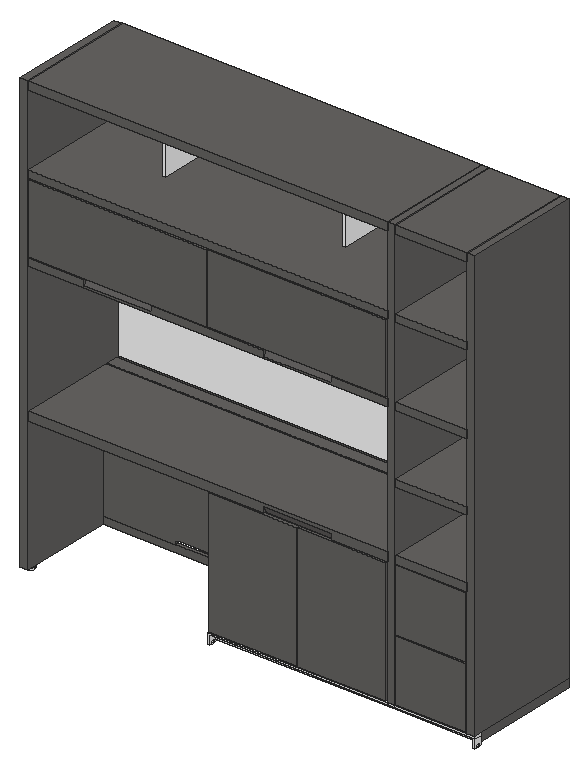
Revit family "Storage-Wall-Teknion-ZXRR_90_High_With_Lights-R2011", category Furniture Systems, Revit 2013
Parameters (values of type "(See Type Catalog)")
  Working Wall Finish [instance] = Glass - Teknion - K6 - White Backpainted
  Width = 92.642"
  Warranty = "http://www.teknionstudio.com/pdfs/Teknion%20Studio%20Warranty.pdf"
  Wall Unit Finish [instance] = Veneer - Teknion - P7 - Grey Oak
  Voltage = 120 V
  Unit Weight = 755.00 lbf
  URL = "www.teknionstudio.com"
  Tabletop Cutout Offset = if(Has Double Doors, 0", 4")  # 0"
  Storage Tower = Storage-Unit-Teknion-Tower : Upper Shelves & File/File Pedestal
  Series = "B&B Italia"
  Product Page URL = "http://www.teknionstudio.com/acexecutive/"
  Product Line = "AC Executive"
  Product Documentation Link = "http://www.teknionstudio.com/pricing/ac_executive_storage_walls_ppg.pdf"
  Power Factor = 1
  Part Number = "ZXRR"
  Number of Poles = 1
  Model = ""
  Manufacturer Phone = "919-464-2920"
  Manufacturer Fax = "919-464-2927"
  Manufacturer Email = "customersupport@teknionstudio.com"
  Manufacturer Address = "3940 US 70 Business HWY West, Clayton, NC 27520"
  Manufacturer = "Teknion Studio"  # constant formula
  Low Emitting Material = yes
  Low Emitting Finish = yes
  Height = 89.96"
  Has File File Drawers = not(Has Double Doors)  # no
  Has Double Doors = yes
  Description = ""
  Depth = 24"
  Assembly Code = "E2020200"
  Apparent Load = 22.8 VA
Reference planes (in)
  plane 1 "Center F/B": y = 0
  plane 2: z = 0
  plane 3 "Center L/R": x = 0
  plane 4 "Left": x = -46.321
  plane 5 "Right": x = 46.321
  plane 6 "Back": y = 12
  plane 7 "Front": y = -12
  plane 8 "Flip up Cabinets Top": z = 73.81394
  plane 9: x = 28.60446
  plane 10: z = 29.68402
  plane 11: z = 56.1289
  plane 12: x = -44.7815
  plane 13: z = 2.1289
  plane 14: x = -8.08858
  plane 15 "Foot Centerline": y = -11.2126
  plane 16 "Tabletop Cutout": y = -12
  plane 17 "Foot Centerline Front": y = -10.22835
  plane 18 "Foot Centerline Back": y = 10.22835
  plane 19 "Top": z = 89.96
  plane 20 "Center Lighting": y = -8.484
Forms (in)
  Sweep 1, solid, material "Veneer - Teknion - P7 - Grey Oak" <- "Wall Unit Finish"
    path origin (0, 0, 15.40683) x (-1, 0, 0) y (0, -1, 0)
      loop
        line (0, -12) -> (0, 12)
    profile origin (0, 0, 15.40683) x (1, 0, 0) y (0, 0, 1)
      loop
        line (-46.321, -14.81732) -> (-44.7815, -14.81732) -> (-44.7815, 74.55317) -> (-46.321, 74.55317) -> (-46.321, -14.81732)
  Sweep 2, solid, material "Metal - Teknion - C6 - Chrome"
    path origin (0, 0, 0) x (1, 0, 0) y (0, 0, 1)
      loop
        line (-8.08858, 0.05803) -> (-8.08858, 2.1289) -> (28.60446, 2.1289)
    profile origin (10.25794, 0, 2.1289) x (0, 0, 1) y (0, -1, 0)
      loop
        line (0, 12) -> (-0.394, 12) -> (-0.394, 10.4252) -> (0, 10.4252) -> (0, 12)
  Sweep 3, solid, material "Metal - Teknion - C6 - Chrome"
    path origin (0, 0, 0) x (1, 0, 0) y (0, 0, 1)
      loop
        line (-8.08858, 2.1289) -> (28.60446, 2.1289)
    profile origin (10.25794, 0, 2.1289) x (0, 0, 1) y (0, -1, 0)
      loop
        line (-0.394, 10.6222) -> (-1.5748, 10.6222) -> (-1.5748, 10.4252) -> (-0.394, 10.4252) -> (-0.394, 10.6222)
  Revolve 4, solid, material "Metal - Teknion - C6 - Chrome"
    sketch origin (0, -11.2126, 0) x (0, 0, -1) y (1, 0, 0)
      loop
        line (-0.4911, -7.89158) -> (-0.4911, -8.22623) -> (-0.45173, -8.2656) -> (-0.28492, -8.2656) -> (-0.24555, -8.22623) -> (-0.20618, -8.2656) -> (-0.03937, -8.2656) -> (0, -8.22623) -> (0, -7.89158) -> (-0.4911, -7.89158)
      axis (0, -7.89158) -> (-0.4911, -7.89158)
    angle from 0 to 360
  Sweep 5, solid, material "Veneer - Teknion - P7 - Grey Oak" <- "Wall Unit Finish"
    path origin (0, 0, 0) x (1, 0, 0) y (0, 0, 1)
      loop
        line (-44.7815, 29.68402) -> (28.60446, 29.68402)
    profile origin (-8.08852, 0, 29.68402) x (0, 0, 1) y (0, -1, 0)
      loop
        line (0, 12) -> (-1.7638, 12) -> (-1.7638, -7.11393) -> (-5.30827, -7.11393) -> (-5.30827, -7.08268) -> (-27.55512, -7.08268) -> (-27.55512, -7.11393) -> (-29.0945, -7.11393) -> (-29.0945, -7.80668) -> (-5.30828, -7.80668) -> (-5.30828, -12) -> (44.12992, -12) -> (44.12992, 12) -> (42.59055, 12) -> (42.59055, 11.2126) -> (27.98425, 11.2126) -> (27.98425, 12) -> (26.44488, 12) -> (26.44488, -10.94094) -> (0, -10.94094) -> (0, -10.90969) -> (-0.72441, -10.90969) -> (-0.72441, -10.56693) -> (0, -10.56693) -> (0, -8.05709) -> (-0.72441, -8.05709) -> (-0.72441, -7.80709) -> (0, -7.80709) -> (0, 12)
      loop
        line (60.27598, 12) -> (58.73661, 12) -> (58.73661, -12) -> (60.27598, -12) -> (60.27598, 12)
  Sweep 6, solid, material "Veneer - Teknion - P7 - Grey Oak" <- "Wall Unit Finish"
    path origin (0, 0, 0) x (1, 0, 0) y (0, 0, 1)
      loop
        line (-8.08858, 29.68402) -> (28.60446, 29.68402)
    profile origin (10.25794, 0, 29.68402) x (0, 0, 1) y (0, -1, 0)
      loop
        line (-1.7638, 11.27559) -> (-27.55512, 11.27559) -> (-27.55512, 10.4252) -> (-29.0945, 10.4252) -> (-29.0945, -12) -> (-1.7638, -12) -> (-1.7638, 11.27559)
  Sweep 7, solid, material "Veneer - Teknion - P7 - Grey Oak" <- "Wall Unit Finish"
    path origin (0, 0, 15.40683) x (-1, 0, 0) y (0, -1, 0)
      loop
        line (0, 12) -> (0, 11.276)
    profile origin (0, -11.638, 15.40683) x (-1, 0, 0) y (0, 0, 1)
      loop
        line (44.5315, 42.51144) -> (44.5315, 56.61773) -> (8.21358, 56.61773) -> (8.21358, 42.51144) -> (44.5315, 42.51144)
      loop
        line (7.96358, 56.61773) -> (-28.35446, 56.61773) -> (-28.35446, 42.51144) -> (7.96358, 42.51144) -> (7.96358, 56.61773)
  Sweep 8, solid, material "Veneer - Teknion - P7 - Grey Oak" <- "Wall Unit Finish", visible <- "Has Double Doors"
    path origin (0, 0, 15.40683) x (-1, 0, 0) y (0, -1, 0)
      loop
        line (0, 12) -> (0, 11.276)
    profile origin (0, -11.638, 15.40683) x (-1, 0, 0) y (0, 0, 1)
      loop
        line (7.83845, 12.26339) -> (-10.15274, 12.26339) -> (-10.15274, -13.03482) -> (7.83845, -13.03482) -> (7.83845, 12.26339)
      loop
        line (-10.40274, 12.26339) -> (-28.35446, 12.26339) -> (-28.35446, -13.02793) -> (-10.40274, -13.02793) -> (-10.40274, 12.26339)
  Sweep 9, solid, material "Veneer - Teknion - P7 - Grey Oak" <- "Wall Unit Finish", visible <- "Has File File Drawers"
    path origin (0, 0, 15.40683) x (-1, 0, 0) y (0, -1, 0)
      loop
        line (0, 12) -> (0, 11.276)
    profile origin (0, -11.638, 15.40683) x (-1, 0, 0) y (0, 0, 1)
      loop
        line (7.83845, 12.26339) -> (-28.35446, 12.26339) -> (-28.35446, 0.01144) -> (7.83845, 0.01144) -> (7.83845, 12.26339)
      loop
        line (-28.35446, -0.77597) -> (-28.35446, -13.03482) -> (7.83845, -13.03482) -> (7.83845, -0.77597) -> (-28.35446, -0.77597)
  Sweep 10, void
    path origin (0, 0, 0) x (1, 0, 0) y (0, 0, 1)
      loop
        line (3.38793, 29.68402) -> (17.16746, 29.68402)
    profile origin (10.27769, 0, 29.68402) x (0, 0, 1) y (0, -1, 0)
      loop
        line (-1.7638, 12) -> (-1.7638, 11.52756) -> (-0.66143, 12) -> (-1.7638, 12)
  Sweep 11, void
    path origin (0, 0, 0) x (1, 0, 0) y (0, 0, 1)
      loop
        line (-33.3248, 56.1289) -> (-19.54528, 56.1289)
    profile origin (-26.43504, 0, 56.1289) x (0, 0, 1) y (0, -1, 0)
      loop
        line (1.53937, 12) -> (0.43699, 12) -> (1.53937, 11.52755) -> (1.53937, 12)
  Sweep 12, void
    path origin (0, 0, 0) x (1, 0, 0) y (0, 0, 1)
      loop
        line (3.36811, 56.1289) -> (17.14764, 56.1289)
    profile origin (10.25787, 0, 56.1289) x (0, 0, 1) y (0, -1, 0)
      loop
        line (1.53937, 11.52755) -> (1.53937, 12) -> (0.43699, 12) -> (1.53937, 11.52755)
  Sweep 13, void
    path origin (0, 0, 15.40683) x (-1, 0, 0) y (0, -1, 0)
      loop
        line (0, -7.80668) -> (0, -7.08268)
    profile origin (0, 7.44468, 15.40683) x (1, 0, 0) y (0, 0, 1)
      loop
        line (-23.00998, 8.96892) -> (-29.89974, 8.96892) -> (-29.89974, 8.10396)
        arc (-29.89974, 8.10396) -> (-29.66912, 7.54718) -> (-29.11234, 7.31655) r 0.7874
        line (-29.11234, 7.31655) -> (-23.79738, 7.31655)
        arc (-23.79738, 7.31655) -> (-23.2406, 7.54718) -> (-23.00998, 8.10396) r 0.7874
        line (-23.00998, 8.10396) -> (-23.00998, 8.96892)
      loop
        line (-29.89974, -13.27793) -> (-23.00998, -13.27793) -> (-23.00998, -13.12045)
        arc (-23.00998, -13.12045) -> (-23.22907, -12.59152) -> (-23.75801, -12.37242) r 0.74803
        line (-23.75801, -12.37242) -> (-29.15171, -12.37242)
        arc (-29.15171, -12.37242) -> (-29.68065, -12.59152) -> (-29.89974, -13.12045) r 0.74803
        line (-29.89974, -13.12045) -> (-29.89974, -13.27793)
  Revolve 14, solid, material "Metal - Teknion - C6 - Chrome"
    sketch origin (0, -10.22835, 0) x (0, 0, 1) y (1, 0, 0)
      loop
        line (0, -45.55118) -> (0, -46.28917) -> (0.23622, -46.28917) -> (0.23622, -45.83352) -> (0.58951, -45.83352) -> (0.58951, -45.55118) -> (0, -45.55118)
      axis (0, -45.55118) -> (0.58951, -45.55118)
    angle from 0 to 360
  Revolve 15, solid, material "Metal - Teknion - C6 - Chrome"
    sketch origin (0, 10.22835, 0) x (0, 0, 1) y (1, 0, 0)
      loop
        line (0, -45.55118) -> (0, -46.28917) -> (0.23622, -46.28917) -> (0.23622, -45.83352) -> (0.58951, -45.83352) -> (0.58951, -45.55118) -> (0, -45.55118)
      axis (0, -45.55118) -> (0.58951, -45.55118)
    angle from 0 to 360
  Sweep 16, solid, material "Acrylic - Teknion - Clear"
    path origin (0, 0, 15.40683) x (-1, 0, 0) y (0, -1, 0)
      loop
        line (8.08858, -11.25197) -> (8.08858, 0.16535)
    profile origin (-8.08858, 5.54331, 15.40683) x (1, 0, 0) y (0, 0, 1)
      loop
        line (-18.64357, 73.0138) -> (-18.64357, 58.4071) -> (-18.04908, 58.4071) -> (-18.04908, 73.0138) -> (-18.64357, 73.0138)
      loop
        line (18.04935, 73.0138) -> (18.04935, 58.4071) -> (18.64383, 58.4071) -> (18.64383, 73.0138) -> (18.04935, 73.0138)
Cuts and joins
  joined: Sweep 2, Sweep 3, Revolve 4
  Sweep 10, Sweep 11, Sweep 12, Sweep 13 cuts Sweep 5
  joined: Sweep 5, Sweep 6
Lines and regions (in)
  Masking region 1
    outline origin (0, 0, 15.40683) x (-1, 0, 0) y (0, -1, 0)
      loop
        line (46.321, -12) -> (46.321, 12) -> (-28.60446, 12) -> (-28.60446, -12) -> (46.321, -12)
  symbolic lines, style "Elevation Swing"
    curve 1: line (-44.7815, -12, 57.66827) -> (-26.43504, -12, 72.02457)
    curve 2: line (-8.08858, -12, 57.66832) -> (-26.43504, -12, 72.02457)
    curve 3: line (-8.08858, 0, 57.66832) -> (10.25794, 0, 72.19583)
    curve 4: line (10.25794, 0, 72.19583) -> (28.60446, 0, 57.66827)
  symbolic lines, detail levels medium+fine
    curve 5: line (-44.7815, 12, 15.40683) -> (-44.7815, -12, 15.40683)
  symbolic lines, style "FurnitureSystemsHiddenLines", detail levels fine
    curve 6: line (28.60446, -11.276, 15.40683) -> (-44.7815, -11.276, 15.40683)
    curve 8: line (-8.08858, 12, 15.40683) -> (-8.08858, -12, 15.40683)
  symbolic lines, visible <- "Has Double Doors"
    curve 7: line (-8.08858, -12, 15.40683) -> (-8.08858, -30.34652, 15.40683)
    curve 9: arc (10.25794, -12, 15.40683) -> (15.63151, -24.97295, 15.40683) -> (28.60446, -30.34652, 15.40683) r 18.34652
    curve 10: line (28.60446, -12, 15.40683) -> (28.60446, -30.34652, 15.40683)
    curve 11: arc (-8.08858, -30.34652, 15.40683) -> (4.88437, -24.97295, 15.40683) -> (10.25794, -12, 15.40683) r 18.34652
  symbolic lines, style "FurnitureSystemsHiddenLines", visible <- "Has Double Doors"
    curve 12: line (10.15274, 0, 27.67022) -> (-7.83845, 0, 15.02111)
    curve 13: line (-7.83845, 0, 15.02111) -> (10.15274, 0, 2.37201)
    curve 14: line (10.40274, 0, 2.3789) -> (28.35446, 0, 15.02456)
    curve 15: line (28.35446, 0, 15.02456) -> (10.40274, 0, 27.67022)
Dimensions and locks (in)
  equal spacing: plane 4 "Left", plane 3 "Center L/R", plane 5 "Right"
  "Width": plane 4 "Left" to plane 5 "Right"
  equal spacing: plane 6 "Back", plane 1 "Center F/B", plane 7 "Front"
  "Depth": plane 6 "Back" to plane 7 "Front"
  locked: plane 9 to plane 5 "Right" at 17.71654
  "Height": plane 19 "Top" to plane 2
  locked: plane 10 to plane 2 at 29.68402
  locked: plane 11 to plane 10 at 26.44488
  locked: plane 13 to plane 2 at 2.1289
  locked: Sweep 2 sketch curve to plane 2 at 0.05803
  locked: plane 13 to Sweep 3 sketch curve at 0.394
  locked: Sweep 3 sketch curve to Sweep 3 sketch curve at 1.1808
  plane 7 "Front" to Sweep 3 sketch curve to Sweep 3 sketch curve = 1.3778" locked, 0.197" locked
  locked: Revolve 4 sketch curve to plane 2 at 0.4911
  locked: plane 14 to Revolve 4 sketch curve at 0.17702  (x2)
  Revolve 4 sketch curve to Revolve 4 sketch curve to Revolve 4 sketch curve to Revolve 4 sketch curve to Revolve 4 sketch curve to plane 2 = 0.16681" locked, 0.03937" locked, 0.03937" locked, 0.16681" locked, 0.03937" locked
  locked: Revolve 4 sketch curve to plane 14 at 0.197
  locked: plane 7 "Front" to plane 15 "Foot Centerline" at 0.7874
  locked: plane 13 to Sweep 5 sketch curve at 1.53939
  locked: plane 10 to Sweep 5 sketch curve at 1.7638
  locked: Sweep 1 sketch curve to plane 2 at 0.58951
  Sweep 6 sketch curve to Sweep 6 sketch curve to plane 6 "Back" = 23.27559", 0"
  locked: plane 10 to Sweep 6 sketch curve at 1.7638
  locked: plane 7 "Front" to Sweep 6 sketch curve at 1.5748
  locked: plane 14 to plane 3 "Center L/R" at 8.08858
  locked: plane 7 "Front" to Sweep 7 sketch curve at 0.724
  plane 8 "Flip up Cabinets Top" to Sweep 7 sketch curve to Sweep 7 sketch curve = 1.78937" locked, 14.1063" locked
  plane 8 "Flip up Cabinets Top" to Sweep 7 sketch curve to Sweep 7 sketch curve = 1.78937", 14.1063"
  Sweep 7 sketch curve to plane 3 "Center L/R" to Sweep 7 sketch curve to Sweep 7 sketch curve to Sweep 7 sketch curve = 28.35446" locked, 7.96358" locked, 1/4" locked, 36.31791" locked
  locked: plane 7 "Front" to Sweep 8 sketch curve at 0.724
  locked: plane 10 to Sweep 8 sketch curve at 2.0138  (x2)
  locked: Sweep 8 sketch curve to Sweep 8 sketch curve at 25.29821
  locked: Sweep 8 sketch curve to Sweep 8 sketch curve at 25.29132
  Sweep 8 sketch curve to Sweep 8 sketch curve to Sweep 8 sketch curve to Sweep 8 sketch curve to plane 14 = 17.95173" locked, 1/4" locked, 17.99118" locked, 0.25013" locked
  locked: plane 7 "Front" to Sweep 9 sketch curve at 0.724
  plane 10 to Sweep 9 sketch curve to Sweep 9 sketch curve to Sweep 9 sketch curve to Sweep 9 sketch curve = 2.0138" locked, 12.25195" locked, 0.7874" locked, 12.25886" locked
  Sweep 9 sketch curve to Sweep 9 sketch curve to plane 14 = 36.19291" locked, 0.25013" locked  (x2)
  Sweep 10 sketch curve to Sweep 10 sketch curve to plane 14 = 13.77953" locked, 11.47651" locked
  locked: plane 10 to Sweep 10 sketch curve at 1.7638
  locked: plane 16 "Tabletop Cutout" to Sweep 10 sketch curve at 0.47244
  "Tabletop Cutout Offset": plane 16 "Tabletop Cutout" to plane 7 "Front"
  Sweep 11 sketch curve to Sweep 11 sketch curve to plane 4 "Left" = 13.77953" locked, 12.9962" locked
  locked: Sweep 11 sketch curve to plane 11 at 1.53937
  locked: Sweep 11 sketch curve to plane 11 at 0.43699
  locked: plane 7 "Front" to Sweep 11 sketch curve at 0.47245
  Sweep 12 sketch curve to Sweep 12 sketch curve to plane 11 = 1.10238" locked, 0.43699" locked
  locked: plane 7 "Front" to Sweep 12 sketch curve at 0.47245
  locked: Sweep 13 sketch curve to plane 13 at 0.90551
  plane 14 to Sweep 13 sketch curve to Sweep 13 sketch curve = 14.92139" locked, 6.88976" locked  (x2)
  plane 10 to Sweep 13 sketch curve to Sweep 13 sketch curve = 5.30827" locked, 1 167/256" locked
  plane 6 "Back" to Sweep 13 sketch curve to Sweep 13 sketch curve = 4.19332" locked, 0.724" locked
  locked: Revolve 14 sketch curve to plane 4 "Left" at 0.76982
  Revolve 14 sketch curve to Revolve 14 sketch curve to plane 2 = 0.35329" locked, 0.23622" locked
  locked: Revolve 14 sketch curve to plane 4 "Left" at 0.03183
  locked: Revolve 15 sketch curve to plane 4 "Left" at 0.76982
  Revolve 15 sketch curve to Revolve 15 sketch curve to plane 2 = 0.35329" locked, 0.23622" locked
  locked: Revolve 15 sketch curve to plane 4 "Left" at 0.03183
  equal spacing: plane 14, curve 2, plane 12
  equal spacing: plane 9, curve 4, plane 14
  locked: plane 7 "Front" to curve 6 at 0.724
  plane 6 "Back" to Sweep 16 sketch curve to Sweep 16 sketch curve = 0.74803" locked, 11.41732" locked
  Sweep 16 sketch curve to Sweep 16 sketch curve to plane 14 = 0.59449" locked, 18.04935" locked
  plane 14 to Sweep 16 sketch curve to Sweep 16 sketch curve = 18.04908" locked, 0.59449" locked
  locked: plane 19 "Top" to Sweep 5 sketch curve at 1.53937
  locked: plane 8 "Flip up Cabinets Top" to Sweep 5 sketch curve at 1.53937
  locked: Sweep 5 sketch curve to plane 11 at 1.53937
  locked: plane 4 "Left" to plane 12 at 1.5395
  locked: plane 19 "Top" to plane 8 "Flip up Cabinets Top" at 16.14606
  locked: plane 6 "Back" to plane 18 "Foot Centerline Back" at 1.77165
  locked: plane 17 "Foot Centerline Front" to plane 7 "Front" at 1.77165
  plane 12 to plane 14 = 36.69291"
  locked: plane 7 "Front" to plane 20 "Center Lighting" at 3.516
  locked: plane 13 to Sweep 2 sketch curve at 0.394
  locked: plane 7 "Front" to Sweep 2 sketch curve at 1.5748
  aligned and locked: level to plane 2
  aligned and locked: nested 1 to plane 5 "Right"
  aligned and locked: plane 6 "Back" to Sweep 1 sketch curve
  aligned and locked: plane 7 "Front" to Sweep 1 sketch curve
  aligned and locked: Sweep 1 sketch curve to plane 3 "Center L/R"
  aligned and locked: plane 4 "Left" to Sweep 1 sketch curve  (x2)
  aligned and locked: Sweep 2 sketch curve to plane 13  (x2)
  aligned and locked: Sweep 2 sketch curve to plane 7 "Front"
  aligned and locked: Sweep 3 sketch curve to plane 13
  aligned and locked: plane 2 to Revolve 4 sketch curve
  aligned and locked: Revolve 4 sketch curve to plane 2
  aligned and locked: plane 12 to Sweep 5 sketch curve
  aligned and locked: plane 9 to Sweep 5 sketch curve
  aligned and locked: Sweep 5 sketch curve to plane 10  (x3)
  aligned and locked: Sweep 5 sketch curve to plane 7 "Front"  (x3)
  aligned and locked: plane 6 "Back" to Sweep 5 sketch curve
  aligned and locked: Sweep 6 sketch curve to plane 10
  aligned and locked: plane 13 to Sweep 6 sketch curve
  aligned and locked: plane 3 "Center L/R" to Sweep 7 sketch curve
  aligned and locked: plane 7 "Front" to Sweep 7 sketch curve
  aligned and locked: Sweep 5 sketch curve to plane 11
  aligned and locked: plane 3 "Center L/R" to Sweep 8 sketch curve
  aligned and locked: plane 7 "Front" to Sweep 8 sketch curve
  aligned and locked: plane 7 "Front" to Sweep 9 sketch curve
  aligned and locked: plane 3 "Center L/R" to Sweep 9 sketch curve
  aligned and locked: Sweep 10 sketch curve to plane 10
  aligned and locked: plane 16 "Tabletop Cutout" to Sweep 10 sketch curve
  aligned and locked: Sweep 11 sketch curve to plane 11
  aligned and locked: Sweep 12 sketch curve to plane 11
  aligned and locked: Sweep 12 sketch curve to plane 7 "Front"
  aligned and locked: Sweep 13 sketch curve to plane 3 "Center L/R"
  aligned and locked: Sweep 13 sketch curve to plane 13
  aligned and locked: plane 2 to Revolve 14 sketch curve
  aligned and locked: Revolve 15 sketch curve to plane 2
  aligned and locked: plane 12 to curve 1
  aligned and locked: plane 14 to curve 2
  aligned and locked: Sweep 7 to curve 2
  aligned and locked: plane 9 to curve 4
  aligned and locked: plane 14 to curve 3
  aligned and locked: Masking region 1 sketch curve to plane 6 "Back"
  aligned and locked: plane 4 "Left" to Masking region 1 sketch curve
  aligned and locked: Masking region 1 sketch curve to plane 7 "Front"
  aligned and locked: Masking region 1 sketch curve to nested 1
  aligned and locked: plane 6 "Back" to curve 5
  aligned and locked: plane 7 "Front" to curve 5
  aligned and locked: curve 5 to plane 12
  aligned and locked: plane 9 to curve 6
  aligned and locked: curve 8 to plane 14
  aligned and locked: plane 7 "Front" to Sweep 11 sketch curve
  aligned and locked: Sweep 1 sketch curve to plane 19 "Top"
  aligned and locked: Sweep 16 sketch curve to plane 14
  aligned and locked: plane 8 "Flip up Cabinets Top" to Sweep 16 sketch curve  (x2)
  aligned and locked: Sweep 5 sketch curve to plane 8 "Flip up Cabinets Top"
  aligned and locked: Sweep 5 sketch curve to plane 6 "Back"
  aligned and locked: Sweep 5 sketch curve to plane 19 "Top"
  aligned and locked: Sweep 5 sketch curve to plane 15 "Foot Centerline"
  aligned and locked: plane 7 "Front" to Sweep 5 sketch curve
  aligned and locked: plane 2 to nested 1
  aligned and locked: Sweep 1 sketch curve to plane 12
  aligned and locked: plane 1 "Center F/B" to nested 1
  aligned and locked: plane 11 to nested 2
  aligned and locked: plane 14 to nested 2
  aligned and locked: curve 10 to plane 9
  aligned and locked: curve 8 to curve 7
  aligned and locked: plane 9 to Sweep 2 sketch curve
  aligned and locked: Sweep 2 sketch curve to plane 14
  aligned and locked: plane 14 to Sweep 3 sketch curve
  aligned and locked: plane 9 to Sweep 3 sketch curve
  aligned and locked: plane 14 to Sweep 6 sketch curve
  aligned and locked: plane 9 to Sweep 6 sketch curve
  aligned and locked: plane 7 "Front" to curve 10
  aligned and locked: Sweep 8 to plane 7 "Front"
  aligned and locked: plane 7 "Front" to curve 9
  aligned and locked: plane 6 "Back" to curve 8
  aligned and locked: plane 7 "Front" to curve 8
Automatic sketch dimensions
  Sweep 6 sketch curve to Sweep 6 sketch curve = 1.53939"
  profile plane to Sweep 10 sketch curve = 0.66143"
  plane 3 "Center L/R" to Sweep 12 sketch curve = 3.36811"
  Sweep 12 sketch curve to plane 9 = 11.45683"
  Sweep 13 sketch curve to Sweep 13 sketch curve = 0.7874"  (x2)
  Sweep 13 sketch curve to Sweep 13 sketch curve = 0.15748"  (x2)
  Revolve 14 sketch curve to level = 0"
  Revolve 14 sketch curve to Revolve 14 sketch curve = 0"  (x2)
  Revolve 14 sketch curve to Revolve 14 sketch curve = 0.28234"
  Revolve 15 sketch curve to level = 0"
  Revolve 15 sketch curve to Revolve 15 sketch curve = 0"  (x2)
  Revolve 15 sketch curve to Revolve 15 sketch curve = 0.28234"
  plane 11 to curve 2 = 1.53942"
  plane 11 to curve 1 = 1.53937"
  Sweep 16 sketch curve to Sweep 16 sketch curve = 14.60669"  (x2)
  profile plane to Sweep 5 sketch curve = 0"
  Sweep 5 sketch curve to Sweep 5 sketch curve = 1.53939"
  Sweep 5 sketch curve to Sweep 5 sketch curve = 3.54449"
  Sweep 5 sketch curve to Sweep 5 sketch curve = 0"
  Sweep 5 sketch curve to Sweep 5 sketch curve = 0.72441"
  profile plane to Sweep 5 sketch curve = 0.72441"
  Sweep 5 sketch curve to plane 1 "Center F/B" = 10.94094"
  Sweep 5 sketch curve to Sweep 5 sketch curve = 1/32"  (x2)
  Sweep 5 sketch curve to Sweep 5 sketch curve = 0.34277"
  Sweep 5 sketch curve to Sweep 5 sketch curve = 2.50984"
  Sweep 5 sketch curve to Sweep 5 sketch curve = 1/4"
  Sweep 5 sketch curve to Sweep 5 sketch curve = 4.19332"
  Sweep 5 sketch curve to Sweep 5 sketch curve = 0.69275"
  Sweep 5 sketch curve to Sweep 5 sketch curve = 0.69316"
  Revolve 4 sketch curve to Revolve 4 sketch curve = 0"  (x2)
  Revolve 4 sketch curve to Revolve 4 sketch curve = 0.03937"  (x2)
  plane 14 to curve 13 = 0.25013"
  curve 12 to plane 10 = 2.0138"
  plane 3 "Center L/R" to curve 12 = 10.15274"
  plane 13 to curve 13 = 0.24311"
  plane 3 "Center L/R" to curve 13 = 10.15274"
  curve 15 to plane 10 = 2.0138"
  curve 12 to curve 15 = 1/4"
  plane 13 to curve 14 = 1/4"
  curve 13 to curve 14 = 1/4"
  curve 15 to plane 9 = 1/4"
  plane 13 to curve 12 = 12.89222"
  plane 13 to curve 14 = 12.89566"
  plane 11 to curve 4 = 1.53937"
  plane 11 to curve 3 = 1.53942"
  curve 3 to plane 8 "Flip up Cabinets Top" = 1.61811"
  plane 7 "Front" to curve 11 = 0"
  plane 3 "Center L/R" to curve 9 = 10.25794"
Nested families (in)
  nested 1: "Storage-Unit-Teknion-Tower" at (37.46273, 0, 0), Height <- "Height", type <- "Storage Tower", type "Upper Shelves & File/File Pedestal"
    with Height 89.96", Has Top Shelf yes, Bottom Drawer Height 13.047"
  nested 2: "Lighting-Teknion-Storage_Wall" at (-8.08858, 0.12401, 56.1289), type "Lighting-Teknion-Storage_Wall"
Connectors (in)
  electrical at (-8.08854, 12, 32.92639), driven by "Number of Poles", driven by "Voltage", driven by "Apparent Load", driven by "Power Factor"
    settings: on cut or joined group of Sweep 5, Sweep 6, Sweep 10, Sweep 11, Sweep 12, Sweep 13, index 1, voltage 120 V, apparent load 0 VA, apparent load phase1 22.8 VA, apparent load phase2 0 VA, apparent load phase3 0 VA, power factor 1, load classification "Other", number of poles 1, system type 31, power factor state 1, is connector primary yes, connector utility no, sub classification motor no, connector description "Electrical Connector"
Definition of nested family "Storage-Unit-Teknion-Tower"
  Parameters (values of type "Upper Wardrobe & Lower Door")
    Width = 17.71654"
    Warranty = "http://www.teknionstudio.com/pdfs/Teknion%20Studio%20Warranty.pdf"
    Wall Unit Finish = Veneer - Teknion - P8 - Light Brushed Oak
    URL = "www.teknionstudio.com"
    Series = "B&B Italia"
    Product Line = "AC Executive"
    Model = ""
    Middle Drawer Height = if(Has Top Drawer, 6.425", 12.719")  # 12.719"
    Manufacturer Phone = "919-464-2920"
    Manufacturer Fax = "919-464-2927"
    Manufacturer Email = "customersupport@teknionstudio.com"
    Manufacturer Address = "3940 US 70 Business HWY West, Clayton, NC 27520"
    Manufacturer = "Teknion Studio"  # constant formula
    Height [instance] = 73.81394"
    Has Top Shelf [instance] = and(Height > 75", Has Shelves)  # no
    Has Top Drawer = no
    Has Top Door = yes
    Has Shelves = no
    Has Right Leg = yes
    Has Middle Drawer = no
    Has Lower Shelf = yes
    Has Left Leg = no
    Has Full Wardrobe Door = no
    Has Doors = yes
    Door Projection Symbol = yes
    Description = "Tower Storage Unit"
    Depth = 24"
    Bottom Drawer Height [instance] = if(Has Middle Drawer, 13.047", if(Has Top Drawer, 13.047", if(Has Full Wardrobe Door, (Height - 3.668"), 26.016")))  # 26.016"
    Assembly Code = "E2010200"
  Types (7): name | Wall Unit Finish | Series | Product Line | Middle Drawer Height | Has Top Drawer | Has Top Door | Has Shelves | Has Middle Drawer | Has Lower Shelf | Has Full Wardrobe Door | Has Doors | Door Projection Symbol | Bottom Drawer Height
    Upper Shelves & Lower Door | none | "AC Executive" | "" | 12.719" | no | no | yes | no | yes | no | yes | yes | 26.016"
    Upper Shelves & File/File Pedestal | none | "AC Executive" | "" | 12.719" | no | no | yes | yes | yes | no | no | no | 13.047"
    Upper Shelves & Box/Box/File Pedestal | Veneer - Teknion - P8 - Light Brushed Oak | "AC Executive" | "" | 6.425" | yes | no | yes | yes | yes | yes | no | no | 13.047"
    Full Wardrobe | none | "AC Executive" | "" | 12.719" | no | no | no | no | no | yes | yes | yes | 70.14594"
    Upper Wardrobe & Lower Door | Veneer - Teknion - P8 - Light Brushed Oak | "B&B Italia" | "AC Executive" | 12.719" | no | yes | no | no | yes | no | yes | yes | 26.016"
    Upper Wardrobe & File/File Pedestal | none | "AC Executive" | "" | 12.719" | no | yes | no | yes | yes | no | no | yes | 13.047"
    Upper Wardrobe & Box/Box/File Pedestal | none | "AC Executive" | "" | 6.425" | yes | yes | no | yes | yes | no | no | yes | 13.047"
  Reference planes (in)
    plane 1 "Center F/B": y = 0
    plane 2: z = 0
    plane 3 "Center L/R": x = 0
    plane 4 "Left": x = -8.85827
    plane 5 "Right": x = 8.85827
    plane 6 "Back": y = 12
    plane 7 "Front": y = -12
    plane 8 "Top": z = 73.81394
    plane 9: x = -7.3189
    plane 10: x = 7.3189
    plane 11: z = 2.1289
    plane 12 "Foot Centerline": y = -11.2126
    plane 13: z = 29.68402
    plane 14 "Drawer 1 Top": z = 28.1449
    plane 15 "Drawer 2 Top": z = 40.8639
    plane 16 "Drawer 3 Top": z = 27.89502
    plane 17: z = 42.13677
  Forms (in)
    Sweep 1, solid, material "Metal - Teknion - C6 - Chrome", visible <- "Has Left Leg"
      path origin (0, -12, 0) x (1, 0, 0) y (0, 0, 1)
        loop
          line (-8.85827, 1.7349) -> (-8.85827, 0.05803)
      profile origin (-8.85827, -12, 0.89646) x (0, -1, 0) y (1, 0, 0)
        loop
          line (-1.5748, 0) -> (0, 0) -> (0, 0.394) -> (-1.5748, 0.394) -> (-1.5748, 0)
    Sweep 2, solid, material "Metal - Teknion - C6 - Chrome"
      path origin (0, -12, 0) x (1, 0, 0) y (0, 0, 1)
        loop
          line (-8.85827, 2.1289) -> (8.46427, 2.1289)
      profile origin (-0.197, -12, 2.1289) x (0, 0, 1) y (0, -1, 0)
        loop
          line (-0.394, -1.5748) -> (-0.394, -1.3778) -> (-1.575, -1.3778) -> (-1.575, -1.5748) -> (-0.394, -1.5748)
    Revolve 3, solid, material "Metal - Teknion - C6 - Chrome"
      sketch origin (0, -11.2126, 0) x (0, 0, -1) y (1, 0, 0)
        loop
          line (-0.4911, 8.32677) -> (-0.45173, 8.2874) -> (-0.28492, 8.2874) -> (-0.24555, 8.32677) -> (-0.20618, 8.2874) -> (-0.03937, 8.2874) -> (0, 8.32677) -> (0, 8.66142) -> (-0.4911, 8.66142) -> (-0.4911, 8.32677)
        axis (0, 8.66142) -> (-0.4911, 8.66142)
      angle from 0 to 360
    Revolve 4, solid, material "Metal - Teknion - C6 - Chrome", visible <- "Has Left Leg"
      sketch origin (0, -11.2126, 0) x (0, 0, -1) y (1, 0, 0)
        loop
          line (0, -8.99606) -> (0, -8.66142) -> (-0.4911, -8.66142) -> (-0.4911, -8.99606) -> (-0.45173, -9.03543) -> (-0.28492, -9.03543) -> (-0.24555, -8.99606) -> (-0.20618, -9.03543) -> (-0.03937, -9.03543) -> (0, -8.99606)
        axis (0, -8.66142) -> (-0.4911, -8.66142)
      angle from 0 to 360
    Sweep 5, solid, material "Veneer - Teknion - P8 - Light Brushed Oak" <- "Wall Unit Finish"
      path origin (0, 0, 0) x (1, 0, 0) y (0, 0, 1)
        loop
          line (0, 2.1289) -> (0, 73.81394)
      profile origin (0, 0, 37.97142) x (-1, 0, 0) y (0, -1, 0)
        loop
          line (8.85827, -12) -> (8.85827, 12) -> (7.3189, 12) -> (7.3189, -12) -> (8.85827, -12)
        loop
          line (-7.3189, 12) -> (-8.85827, 12) -> (-8.85827, -12) -> (-7.3189, -12) -> (-7.3189, 12)
    Sweep 6, solid, material "Veneer - Teknion - P8 - Light Brushed Oak" <- "Wall Unit Finish"
      path origin (0, 0, 15.40683) x (-1, 0, 0) y (0, -1, 0)
        loop
          line (0, -12) -> (0, 12)
      profile origin (0, 0, 15.40683) x (1, 0, 0) y (0, 0, 1)
        loop
          line (-7.3189, 58.4071) -> (-7.3189, 56.86773) -> (7.3189, 56.86773) -> (7.3189, 58.4071) -> (-7.3189, 58.4071)
    Sweep 7, solid, material "Veneer - Teknion - P8 - Light Brushed Oak" <- "Wall Unit Finish"
      path origin (0, -12, 0) x (1, 0, 0) y (0, 0, 1)
        loop
          line (0, 2.1289) -> (0, 72.27457)
      profile origin (0, -12, 37.20173) x (-1, 0, 0) y (0, -1, 0)
        loop
          line (7.3189, -24) -> (7.3189, -23.25) -> (-7.3189, -23.25) -> (-7.3189, -24) -> (7.3189, -24)
    Sweep 8, solid, material "Veneer - Teknion - P8 - Light Brushed Oak" <- "Wall Unit Finish", visible <- "Has Lower Shelf"
      path origin (0, -12, 0) x (1, 0, 0) y (0, 0, 1)
        loop
          line (-7.3189, 29.68402) -> (7.3189, 29.68402)
      profile origin (0, -12, 29.68402) x (0, 0, 1) y (0, -1, 0)
        loop
          line (0, 0) -> (-1.539, 0) -> (-1.539, -0.724) -> (-27.55512, -0.724) -> (-27.55512, -23.25) -> (0, -23.25) -> (0, 0)
    Sweep 9, solid, material "Veneer - Teknion - P8 - Light Brushed Oak" <- "Wall Unit Finish"
      path origin (0, -12, 0) x (1, 0, 0) y (0, 0, 1)
        loop
          line (0, 2.3789) -> (0, 27.8949)
      profile origin (0, -12, 15.1369) x (-1, 0, 0) y (0, -1, 0)
        loop
          line (7.0689, -0.724) -> (7.0689, 0) -> (-7.0689, 0) -> (-7.0689, -0.724) -> (7.0689, -0.724)
    Sweep 10, solid, material "Veneer - Teknion - P8 - Light Brushed Oak" <- "Wall Unit Finish", visible <- "Has Middle Drawer"
      path origin (0, -12, 0) x (1, 0, 0) y (0, 0, 1)
        loop
          line (0, 28.1449) -> (0, 40.8639)
      profile origin (0, -12, 34.5044) x (-1, 0, 0) y (0, -1, 0)
        loop
          line (7.0689, -0.724) -> (7.0689, 0) -> (-7.0689, 0) -> (-7.0689, -0.724) -> (7.0689, -0.724)
    Sweep 11, solid, material "Veneer - Teknion - P8 - Light Brushed Oak" <- "Wall Unit Finish", visible <- "Has Top Drawer"
      path origin (0, -12, 0) x (1, 0, 0) y (0, 0, 1)
        loop
          line (0, 47.15802) -> (0, 41.1139)
      profile origin (0, -12, 44.13596) x (0, -1, 0) y (1, 0, 0)
        loop
          line (0, 7.0689) -> (-0.724, 7.0689) -> (-0.724, -7.0689) -> (0, -7.0689) -> (0, 7.0689)
    Sweep 12, solid, material "Veneer - Teknion - P8 - Light Brushed Oak" <- "Wall Unit Finish", visible <- "Has Shelves"
      path origin (0, -12, 0) x (1, 0, 0) y (0, 0, 1)
        loop
          line (0, 42.13677) -> (0, 43.67614)
      profile origin (0, -12, 42.90646) x (-1, 0, 0) y (0, -1, 0)
        loop
          line (7.3189, -23.25) -> (7.3189, 0) -> (-7.3189, 0) -> (-7.3189, -23.25) -> (7.3189, -23.25)
    Sweep 13, solid, material "Veneer - Teknion - P8 - Light Brushed Oak" <- "Wall Unit Finish", visible <- "Has Shelves"
      path origin (0, -12, 13.9918) x (1, 0, 0) y (0, 0, 1)
        loop
          line (0, 42.13677) -> (0, 43.67614)
      profile origin (0, -12, 56.89825) x (-1, 0, 0) y (0, -1, 0)
        loop
          line (7.3189, -23.25) -> (7.3189, 0) -> (-7.3189, 0) -> (-7.3189, -23.25) -> (7.3189, -23.25)
    Sweep 14, solid, material "Veneer - Teknion - P8 - Light Brushed Oak" <- "Wall Unit Finish", visible <- "Has Top Door"
      path origin (0, -12, 0) x (1, 0, 0) y (0, 0, 1)
        loop
          line (0, 29.93402) -> (0, 72.02457)
      profile origin (0, -12, 50.97929) x (-1, 0, 0) y (0, -1, 0)
        loop
          line (7.0689, -0.724) -> (7.0689, 0) -> (-7.0689, 0) -> (-7.0689, -0.724) -> (7.0689, -0.724)
    Sweep 15, solid, material "Veneer - Teknion - P8 - Light Brushed Oak" <- "Wall Unit Finish"
      path origin (0, -12, 0) x (1, 0, 0) y (0, 0, 1)
        loop
          line (-8.85827, 2.1289) -> (8.85827, 2.1289)
      profile origin (0, -12, 2.1289) x (0, 0, 1) y (0, -1, 0)
        loop
          line (0, -1.5748) -> (-1.53937, -1.5748) -> (-1.53937, -24) -> (0, -24) -> (0, -1.5748)
    Sweep 16, solid, material "Veneer - Teknion - P8 - Light Brushed Oak" <- "Wall Unit Finish", visible <- "Has Top Shelf"
      path origin (0, 0, 0) x (1, 0, 0) y (0, 0, 1)
        loop
          line (0, 73.81394) -> (0, 72.27457)
      profile origin (0, 0, 73.04425) x (0, -1, 0) y (1, 0, 0)
        loop
          line (-11.25, -7.3189) -> (12, -7.3189) -> (12, 7.3189) -> (-11.25, 7.3189) -> (-11.25, -7.3189)
    Sweep 17, solid, material "Metal - Teknion - C6 - Chrome"
      path origin (0, 0, 0) x (1, 0, 0) y (0, 0, 1)
        loop
          line (-8.85827, 2.1289) -> (8.85827, 2.1289)
      profile origin (0, 0, 2.1289) x (0, 0, 1) y (0, -1, 0)
        loop
          line (0, 10.4252) -> (0, 12) -> (-0.394, 12) -> (-0.394, 10.4252) -> (0, 10.4252)
    Sweep 18, solid, material "Metal - Teknion - C6 - Chrome"
      path origin (0, 0, 0) x (1, 0, 0) y (0, 0, 1)
        loop
          line (8.85827, 1.7349) -> (8.85827, 0.05803)
      profile origin (8.85827, 0, 0.89646) x (0, -1, 0) y (1, 0, 0)
        loop
          line (10.4252, -0.394) -> (12, -0.394) -> (12, 0) -> (10.4252, 0) -> (10.4252, -0.394)
  Lines and regions (in)
    Masking region 1
      outline origin (0, 0, 15.40683) x (-1, 0, 0) y (0, -1, 0)
        loop
          line (8.85827, -12) -> (8.85827, 12) -> (-8.85827, 12) -> (-8.85827, -12) -> (8.85827, -12)
    symbolic lines, style "FurnitureSystems", detail levels medium+fine
      curve 1: line (-7.3189, 12, 15.40683) -> (-7.3189, -12, 15.40683)
      curve 2: line (7.3189, 12, 15.40683) -> (7.3189, -12, 15.40683)
    symbolic lines, style "FurnitureSystemsHiddenLines", detail levels fine
      curve 3: line (-7.3189, -11.276, 15.40683) -> (7.3189, -11.276, 15.40683)
    symbolic lines, style "Elevation Swing", visible <- "Has Doors"
      curve 4: line (-7.3189, -12, 2.1289) -> (7.3189, -12, 15.1369)
      curve 5: line (7.3189, -12, 15.1369) -> (-7.3189, -12, 28.1449)
    symbolic lines, style "Elevation Swing", visible <- "Has Top Door"
      curve 6: line (-7.3189, -12, 29.68402) -> (7.3189, -12, 50.97929)
      curve 7: line (7.3189, -12, 50.97929) -> (-7.3189, -12, 72.27457)
    symbolic lines, style "FurnitureSystems", visible <- "Door Projection Symbol"
      curve 8: arc (-7.3189, -12, 0) -> (-3.03159, -22.35048, 0) -> (7.3189, -26.6378, 0) r 14.6378
    symbolic lines, visible <- "Door Projection Symbol"
      curve 9: line (7.3189, -12, 15.40683) -> (7.3189, -26.6378, 15.40683)
  Dimensions and locks (in)
    equal spacing: plane 4 "Left", plane 3 "Center L/R", plane 5 "Right"
    "Width": plane 4 "Left" to plane 5 "Right"
    equal spacing: plane 6 "Back", plane 1 "Center F/B", plane 7 "Front"
    "Depth": plane 6 "Back" to plane 7 "Front"
    locked: plane 4 "Left" to plane 9 at 1.53937
    locked: plane 10 to plane 5 "Right" at 1.53937
    "Height": plane 8 "Top" to level
    locked: Sweep 1 sketch curve to level at 0.05803
    locked: plane 11 to plane 2 at 2.1289
    plane 11 to Sweep 2 sketch curve to Sweep 2 sketch curve = 0.394" locked, 1.181" locked
    plane 7 "Front" to Sweep 2 sketch curve to Sweep 2 sketch curve = 1.3778" locked, 0.197" locked
    locked: Revolve 3 sketch curve to plane 2 at 0.4911  (x2)
    locked: plane 5 "Right" to Revolve 3 sketch curve at 0.57087
    locked: plane 7 "Front" to plane 12 "Foot Centerline" at 0.7874
    Revolve 3 sketch curve to Revolve 3 sketch curve to Revolve 3 sketch curve to Revolve 3 sketch curve to plane 2 = 0.16681" locked, 0.07874" locked, 0.16681" locked, 0.03937" locked
    locked: Revolve 4 sketch curve to plane 2 at 0.4911  (x2)
    locked: Revolve 4 sketch curve to Revolve 4 sketch curve at 0.37402
    Revolve 4 sketch curve to Revolve 4 sketch curve to Revolve 4 sketch curve to Revolve 4 sketch curve to plane 2 = 0.16681" locked, 0.07874" locked, 0.16681" locked, 0.03937" locked
    locked: Revolve 4 sketch curve to plane 4 "Left" at 0.19685
    locked: plane 8 "Top" to Sweep 6 sketch curve at 1.53937
    locked: plane 8 "Top" to Sweep 7 sketch curve at 1.53937
    locked: plane 6 "Back" to Sweep 7 sketch curve at 0.75
    locked: plane 13 to plane 2 at 29.68402
    locked: plane 7 "Front" to Sweep 8 sketch curve at 0.724
    locked: plane 13 to Sweep 8 sketch curve at 1.539
    locked: plane 13 to plane 16 "Drawer 3 Top" at 1.789
    "Bottom Drawer Height": plane 14 "Drawer 1 Top" to plane 11
    "Middle Drawer Height": plane 15 "Drawer 2 Top" to plane 14 "Drawer 1 Top"
    locked: plane 14 "Drawer 1 Top" to Sweep 9 sketch curve at 0.25
    locked: plane 7 "Front" to Sweep 9 sketch curve at 0.724
    locked: Sweep 10 sketch curve to plane 12 "Foot Centerline" at 0.0634
    locked: plane 7 "Front" to Sweep 11 sketch curve at 0.724
    locked: plane 17 to plane 13 at 12.45276
    group 1 to group 2 = 0"  (x2)
    group 1 to group 2 = 13.9918"
    locked: Sweep 13 to plane 17 at 13.9918
    locked: plane 8 "Top" to Sweep 14 sketch curve at 1.78937
    locked: Sweep 14 sketch curve to plane 13 at 0.25
    locked: plane 7 "Front" to Sweep 14 sketch curve at 0.724
    locked: plane 11 to Sweep 15 sketch curve at 1.53937
    locked: plane 7 "Front" to Sweep 15 sketch curve at 1.5748
    equal spacing: Sweep 6, curve 7, plane 13
    equal spacing: plane 14 "Drawer 1 Top", curve 5, plane 11
    locked: plane 6 "Back" to Sweep 16 sketch curve at 0.75
    Sweep 16 sketch curve to Sweep 16 sketch curve to plane 2 = 1.53937" locked, 72.27457" locked
    locked: Sweep 9 sketch curve to plane 11 at 0.25
    locked: plane 9 to Sweep 9 sketch curve at 0.25
    locked: Sweep 9 sketch curve to plane 10 at 0.25
    locked: Sweep 11 sketch curve to plane 15 "Drawer 2 Top" at 0.25
    locked: plane 9 to Sweep 11 sketch curve at 0.25
    locked: Sweep 11 sketch curve to plane 10 at 0.25
    locked: Sweep 10 sketch curve to plane 10 at 0.25
    locked: plane 9 to Sweep 10 sketch curve at 0.25
    locked: Sweep 11 sketch curve to Sweep 11 sketch curve at 6.04412
    locked: Sweep 14 sketch curve to plane 10 at 0.25
    locked: plane 9 to Sweep 14 sketch curve at 0.25
    locked: plane 4 "Left" to Sweep 1 sketch curve at 0.394
    locked: plane 7 "Front" to Sweep 1 sketch curve at 1.5748
    locked: plane 11 to Sweep 1 sketch curve at 0.394
    locked: Sweep 17 sketch curve to plane 7 "Front" at 1.5748
    locked: plane 11 to Sweep 17 sketch curve at 0.394
    locked: Sweep 18 sketch curve to plane 2 at 0.05803
    locked: Sweep 18 sketch curve to plane 5 "Right" at 0.394
    locked: plane 7 "Front" to Sweep 18 sketch curve at 1.5748
    locked: plane 11 to Sweep 18 sketch curve at 0.394
    locked: plane 5 "Right" to Sweep 2 sketch curve at 0.394
    aligned and locked: level to plane 2
    aligned and locked: Sweep 1 sketch curve to plane 4 "Left"
    aligned and locked: Sweep 2 sketch curve to plane 11
    aligned and locked: plane 2 to Revolve 3 sketch curve
    aligned and locked: Revolve 3 sketch curve to plane 2
    aligned and locked: plane 2 to Revolve 4 sketch curve
    aligned and locked: Revolve 4 sketch curve to plane 2
    aligned and locked: plane 8 "Top" to Sweep 5 sketch curve
    aligned and locked: plane 11 to Sweep 5 sketch curve
    aligned and locked: plane 3 "Center L/R" to Sweep 5 sketch curve
    aligned and locked: Sweep 5 sketch curve to plane 6 "Back"
    aligned and locked: plane 6 "Back" to Sweep 5 sketch curve
    aligned and locked: Sweep 5 sketch curve to plane 10
    aligned and locked: plane 5 "Right" to Sweep 5 sketch curve
    aligned and locked: Sweep 5 sketch curve to plane 9
    aligned and locked: plane 4 "Left" to Sweep 5 sketch curve
    aligned and locked: Sweep 5 sketch curve to plane 7 "Front"
    aligned and locked: plane 7 "Front" to Sweep 5 sketch curve
    aligned and locked: plane 6 "Back" to Sweep 6 sketch curve
    aligned and locked: plane 7 "Front" to Sweep 6 sketch curve
    aligned and locked: Sweep 6 sketch curve to plane 3 "Center L/R"
    aligned and locked: plane 9 to Sweep 6 sketch curve
    aligned and locked: Sweep 6 sketch curve to plane 8 "Top"
    aligned and locked: Sweep 6 sketch curve to plane 10
    aligned and locked: plane 11 to Sweep 7 sketch curve
    aligned and locked: plane 3 "Center L/R" to Sweep 7 sketch curve
    aligned and locked: plane 9 to Sweep 7 sketch curve
    aligned and locked: Sweep 7 sketch curve to plane 10
    aligned and locked: Sweep 7 sketch curve to plane 6 "Back"
    aligned and locked: plane 9 to Sweep 8 sketch curve
    aligned and locked: plane 10 to Sweep 8 sketch curve
    aligned and locked: Sweep 8 sketch curve to plane 13  (x2)
    aligned and locked: plane 7 "Front" to Sweep 8 sketch curve
    aligned and locked: Sweep 8 sketch curve to plane 11
    aligned and locked: plane 3 "Center L/R" to Sweep 9 sketch curve
    aligned and locked: Sweep 9 sketch curve to plane 7 "Front"
    aligned and locked: plane 15 "Drawer 2 Top" to Sweep 10 sketch curve
    aligned and locked: plane 14 "Drawer 1 Top" to Sweep 10 sketch curve
    aligned and locked: plane 3 "Center L/R" to Sweep 10 sketch curve
    aligned and locked: plane 7 "Front" to Sweep 10 sketch curve
    aligned and locked: Sweep 11 sketch curve to plane 3 "Center L/R"
    aligned and locked: Sweep 11 sketch curve to plane 7 "Front"
    aligned and locked: Sweep 13 to plane 9
    aligned and locked: plane 3 "Center L/R" to Sweep 14 sketch curve
    aligned and locked: Sweep 14 sketch curve to plane 7 "Front"
    aligned and locked: plane 4 "Left" to Sweep 15 sketch curve
    aligned and locked: plane 5 "Right" to Sweep 15 sketch curve
    aligned and locked: Sweep 15 sketch curve to plane 11  (x2)
    aligned and locked: Sweep 15 sketch curve to plane 6 "Back"
    aligned and locked: plane 4 "Left" to Masking region 1 sketch curve
    aligned and locked: Masking region 1 sketch curve to plane 6 "Back"
    aligned and locked: Masking region 1 sketch curve to plane 5 "Right"
    aligned and locked: Masking region 1 sketch curve to plane 7 "Front"
    aligned and locked: plane 6 "Back" to curve 1
    aligned and locked: curve 1 to plane 9
    aligned and locked: plane 7 "Front" to curve 2
    aligned and locked: plane 6 "Back" to curve 2
    aligned and locked: curve 2 to plane 10
    aligned and locked: plane 9 to curve 3
    aligned and locked: plane 10 to curve 3
    aligned and locked: curve 3 to Sweep 14
    aligned and locked: plane 11 to curve 4
    aligned and locked: plane 9 to curve 4
    aligned and locked: plane 10 to curve 5
    aligned and locked: plane 9 to curve 5
    aligned and locked: plane 14 "Drawer 1 Top" to curve 5
    aligned and locked: plane 13 to curve 6
    aligned and locked: plane 9 to curve 6
    aligned and locked: plane 9 to curve 7
    aligned and locked: curve 7 to Sweep 6
    aligned and locked: plane 7 "Front" to curve 8
    aligned and locked: curve 8 to plane 10
    aligned and locked: Sweep 16 sketch curve to plane 3 "Center L/R"
    aligned and locked: plane 9 to Sweep 16 sketch curve
    aligned and locked: Sweep 16 sketch curve to plane 10
    aligned and locked: Sweep 16 sketch curve to plane 7 "Front"
    aligned and locked: plane 4 "Left" to Sweep 17 sketch curve
    aligned and locked: plane 5 "Right" to Sweep 17 sketch curve
    aligned and locked: Sweep 17 sketch curve to plane 11  (x2)
    aligned and locked: Sweep 17 sketch curve to plane 7 "Front"
    aligned and locked: Sweep 18 sketch curve to plane 5 "Right"  (x2)
    aligned and locked: Sweep 18 sketch curve to plane 7 "Front"
    aligned and locked: plane 4 "Left" to Sweep 2 sketch curve
  Automatic sketch dimensions
    Revolve 3 sketch curve to Revolve 3 sketch curve = 0.03937"  (x3)
    Revolve 3 sketch curve to Revolve 3 sketch curve = 0"  (x2)
    Revolve 3 sketch curve to plane 5 "Right" = 0.19685"
    Revolve 4 sketch curve to Revolve 4 sketch curve = 0.03937"  (x3)
    Revolve 4 sketch curve to Revolve 4 sketch curve = 0"  (x2)
    Sweep 12 sketch curve to Sweep 12 sketch curve = 1.53937"
    profile plane to Sweep 12 sketch curve = 0"
    profile plane to Sweep 12 sketch curve = 7.3189"
    Sweep 12 sketch curve to profile plane = 7.3189"
    Sweep 12 sketch curve to profile plane = 23 1/4"
    Sweep 13 sketch curve to Sweep 13 sketch curve = 1.53937"
    profile plane to Sweep 13 sketch curve = 0"
    profile plane to Sweep 13 sketch curve = 7.3189"
    Sweep 13 sketch curve to profile plane = 7.3189"
    Sweep 13 sketch curve to profile plane = 23 1/4"
    Sweep 8 sketch curve to Sweep 8 sketch curve = 22.526"
    curve 7 to plane 10 = 0"
    curve 8 to plane 9 = 0"
    plane 7 "Front" to curve 1 = 0"
    plane 7 "Front" to curve 9 = 14.6378"
    Sweep 1 sketch curve to profile plane = 0"
    plane 7 "Front" to Sweep 1 sketch curve = 0"
Definition of nested family "Lighting-Teknion-Storage_Wall"
  Parameters (values of type "Lighting-Teknion-Storage_Wall")
    Wattage = 4.03926 W
    built-in parameter 1150110 = 1 (stored number, unit not read)
    built-in parameter 1114217 = 1 (stored number, unit not read)
    built-in parameter 1150109 = 1 (stored number, unit not read)
    built-in parameter 1150134 = 1
    built-in parameter 1150113 = 1 (stored number, unit not read)
    Offset From Reference Level = 0"
    Lumens = 600 lm
    built-in parameter 1150115 = 1 (stored number, unit not read)
    built-in parameter 1150105 = 190.99 (stored number, unit not read)
    Light Source Symbol Size = 3"
    built-in parameter 1150137 = (empty or 0)
    built-in parameter 1150139 = (empty or 0)
    built-in parameter 1150112 = 1 (stored number, unit not read)
    built-in parameter 1150114 = 1 (stored number, unit not read)
    built-in parameter 1150132 = 2
    built-in parameter 1150102 = (empty or 0)
    built-in parameter 1150138 = (empty or 0)
    built-in parameter 1150107 = 6500 (stored number, unit not read)
    built-in parameter 1150106 = 1.9099 (stored number, unit not read)
    Emit from Line Length = 68"
    built-in parameter 1150104 = 13.8 (stored number, unit not read)
    Dimming Lamp Color Temperature Shift = 1
    Default Elevation = 48"
    Color Filter = 16776172
    built-in parameter 1114218 = 1 (stored number, unit not read)
    built-in parameter 1150133 = 10 (stored number, unit not read)
    Assembly Code = ""
  Reference planes (in)
    plane 1 "Light Source Axis (F/B)": y = -8.60801
    plane 2: z = 0
    plane 3 "Light Source Axis (L/R)": x = 0
    plane 4 "Light Source Elevation": z = 0
    plane 5: z = 0
    plane 6: x = -36.6875
    plane 7: x = 36.6875
  Forms (in)
    Sweep 1, solid, material "Glass - Teknion - CL - Clear"
      path origin (0, 0, 0) x (1, 0, 0) y (0, 1, 0)
        loop
          line (-36.6875, -8.60801) -> (36.6875, -8.60801)
      profile origin (0, -8.60801, 0) x (0, 1, 0) y (0, 0, 1)
        loop
          line (-0.51562, 0) -> (-0.51562, -0.40625) -> (0.51563, -0.40625) -> (0.51563, 0) -> (-0.51562, 0)
  Dimensions and locks (in)
    equal spacing: plane 7, plane 3 "Light Source Axis (L/R)", plane 6
    locked: plane 7 to plane 6 at 73.375
    locked: plane 5 to Sweep 1 sketch curve at 0.40625
    equal spacing: Sweep 1 sketch curve, plane 1 "Light Source Axis (F/B)", Sweep 1 sketch curve
    locked: Sweep 1 sketch curve to Sweep 1 sketch curve at 1.03125
    aligned and locked: plane 3 "Light Source Axis (L/R)" to imposter light
    aligned and locked: plane 1 "Light Source Axis (F/B)" to imposter light
    aligned and locked: plane 4 "Light Source Elevation" to imposter light
    aligned and locked: level to plane 5
    aligned and locked: plane 5 to plane 2
    aligned and locked: plane 6 to Sweep 1 sketch curve
    aligned and locked: plane 7 to Sweep 1 sketch curve
    aligned and locked: plane 1 "Light Source Axis (F/B)" to Sweep 1 sketch curve
    aligned and locked: Sweep 1 sketch curve to profile plane
